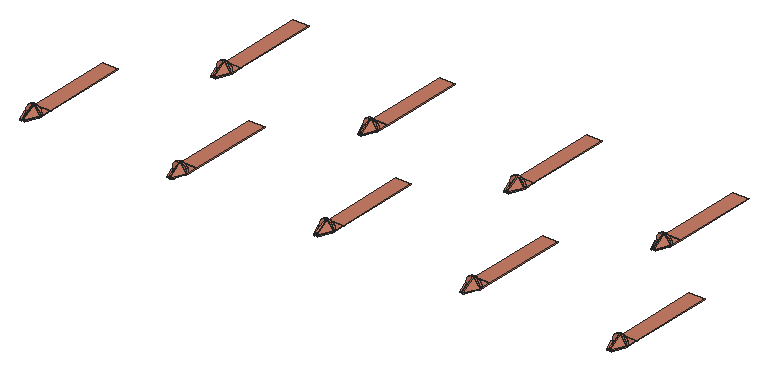
Revit family "Construction_Roof-Accessories_Alpine-SnowGuards_PD10", category Specialty Equipment, host Face, Revit 2019
Family settings
  Host = Face
  Round Connector Dimension = Use Diameter
  Part Type = Normal
  OmniClass Number = 23.35.20.31.27.14
  OmniClass Title = Snow Guards
  Cut with Voids When Loaded = No
  Shared = No
  Room Calculation Point = No
Parameters (values of type "2x2 Pattern – Two Row")
  z_Option3 = Row Options : Three Rows
  z_Option2 = Row Options : Two Rows
  z_Option1 = Row Options : One Row
  Z_Vertical Spacing = if(Vertical Spacing = 0", 12", Vertical Spacing)  # 24"
  Z_Three Rows [instance] = and((Length > 2 * Z_Horizontal Spacing), Number of Rows = z_Option3)  # no
  Z_Three Row Second Pad [instance] = and(not(or(Z_Three Rows, Z_Two Rows, Z_Custom Row, Number of Rows = z_Option2, Z_CR)), Z_Length > Z_Horizontal Spacing)  # no
  Z_Three Row First Pad [instance] = not(or(Z_Three Rows, Z_Two Rows, Z_Custom Row, Number of Rows = z_Option2, Z_CR))  # no
  Z_Second Row Number [instance] = Z_Number of Pads Control - 1  # 4
  Z_Two Row First Pad [instance] = and(not(or(Z_Three Rows, Z_Two Rows, Z_Custom Row, Z_CR)), or(Z_Length = Z_Horizontal Spacing / 2, Z_Length > Z_Horizontal Spacing / 2))  # no
  Z_Second Row [instance] = Z_Horizontal Spacing / 2  # 12"
  Z_Length [instance] = if(Length < Z_Horizontal Spacing / 2, Z_Horizontal Spacing / 2, Length)  # 100"
  Z_Horizontal Spacing = if(Horizontal Spacing = 0", 24", Horizontal Spacing)  # 24"
  Z_Distance between Pads [instance] = Length / (Z_Number of Pads Control - 1)  # 25"
  Z_Custom Row Second Pad [instance] = and(not(or(Z_Three Rows, Z_Two Rows, Z_Custom Row)), Z_Length > Z_Horizontal Spacing)  # no
  Z_Custom Row First Pad [instance] = not(or(Z_Three Rows, Z_Two Rows))  # no
  Z_Custom Row [instance] = and((Length > 2 * Z_Horizontal Spacing), or(Number of Rows = z_Option1, Number of Rows = z_Option2, Number of Rows = z_Option3))  # yes
  Z_CR = no
  Vertical Spacing = 24"
  URL = "https://www.alpinesnowguards.com/model/pd10?utm_source=bimobject&utm_medium=productlisting&utm_campaign=2022marketing"
  Z_Two Rows [instance] = and((Length > 2 * Z_Horizontal Spacing), or(Number of Rows = z_Option2, Number of Rows = z_Option3))  # yes
  Surface Offset [instance] = 0"
  Standard Layouts [instance] = "Standard layouts are shown. Custom layouts are available, please contact Alpine Snow Guard to discuss."  # constant formula
  Snow Guard Count [instance] = if(and(Number of Rows = z_Option1, and(Length > 24", Length < 49")), 2, if(and(Number of Rows = z_Option1, or(Length = 0", Length < 25")), 1, if(and(Number of Rows = z_Option2, or(Length = 0", Length < 25")), 2, if(and(Number of Rows = z_Option3, and(Length > 24", Length < 49")), 5, if(Z_Three Rows, 2 * Z_Number of Pads Control + Z_Second Row Number, if(Z_Two Rows, Z_Number of Pads Control + Z_Second Row Number, Z_Number of Pads Control))))))  # 9
  Product data url = "https://www.bimobject.com/en-us/alpine-snowguards/product/pd10_half_round_pad_style_snow_guard"
  Product Material = Alpine SnowGuards - Copper - Mill Finish
  Product Guid = "b6d75018-1621-4771-a9ee-37e70764d805"
  Z_Number of Pads Control [instance] = if((Z_Length / Z_Horizontal Spacing + 1) < 3, 3, rounddown(Z_Length / Z_Horizontal Spacing + 1))  # 5
  Number of Rows = Row Options : Two Rows
  Length Note [instance] = "To show a single SnowGuard in the Row, please set Length to 0"  # constant formula
  Model = if(PD 100F, "PD 100F", "PD 10")  # "PD 10"
  Manufacturer = "Alpine SnowGuards"  # constant formula
  PD 100F = no
  Length [instance] = 100"
  Keynote = "07720"
  IMPORTANT [instance] = "All layouts begin with a 3-row pattern."  # constant formula
  Horizontal Spacing = 24"
  Edition number = 1
  Description = "PD10 Half Round Pad Style Snow Guard"  # constant formula
  Default Elevation = 48"
  Assembly Code = "B3010"
Types (6): name | Z_Vertical Spacing | Z_Three Rows | Z_Second Row Number | Z_Second Row | Z_Horizontal Spacing | Z_Distance between Pads | Z_Custom Row First Pad | Z_CR | Vertical Spacing | Z_Two Rows | Snow Guard Count | Z_Number of Pads Control | Number of Rows | Horizontal Spacing
  (no name) | 24" | no | 4 | 12" | 24" | 25" | no | no | 24" | yes | 9 | 5 | Row Options : Two Rows | 24"
  3-Row Pattern | 12" | yes | 4 | 12" | 24" | 25" | no | no | 12" | yes | 14 | 5 | Row Options : Three Rows | 24"
  2x4 Pattern – Two Row | 24" | no | 2 | 24" | 48" | 50" | no | no | 24" | yes | 5 | 3 | Row Options : Two Rows | 48"
  2x3 Pattern – Two Row | 24" | no | 2 | 18" | 36" | 50" | no | no | 24" | yes | 5 | 3 | Row Options : Two Rows | 36"
  2x2 Pattern – Two Row | 24" | no | 4 | 12" | 24" | 25" | no | no | 24" | yes | 9 | 5 | Row Options : Two Rows | 24"
  Custom – Single Row | 12" | no | 4 | 12" | 24" | 25" | yes | yes | 0" | no | 5 | 5 | Row Options : One Row | 24"
Reference planes (in)
  plane 1 "Center (Front/Back)": y = 0
  plane 2: z = 0
  plane 3 "Center (Left/Right)": x = 0
  plane 4: x = 100
  plane 5: y = 24
  plane 6: y = 48
  plane 7: x = 12
  plane 8: x = 24
  plane 9: x = 36
Dimensions and locks (in)
  "Z_Length": plane 3 "Center (Left/Right)" to plane 4
  "Z_Vertical Spacing": plane 1 "Center (Front/Back)" to plane 5
  "Z_Vertical Spacing": plane 6 to plane 5
  "Z_Horizontal Spacing": plane 3 "Center (Left/Right)" to plane 8
  equal spacing: group 1, group 2, group 3, group 9, group 10  (x3)
  equal spacing: group 4, group 5, group 6, group 11, group 12  (x3)
  "Z_Horizontal Spacing": plane 7 to plane 9
  equal spacing: group 7, group 8, group 13, group 14  (x3)
  equal spacing: plane 3 "Center (Left/Right)", plane 7, plane 8
  aligned and locked: host face to plane 2
  aligned and locked: host face to level
  aligned and locked: plane 1 "Center (Front/Back)" to nested 1
  aligned and locked: plane 3 "Center (Left/Right)" to nested 1
  aligned and locked: plane 7 to nested 2
  aligned and locked: nested 2 to plane 5
  aligned and locked: plane 3 "Center (Left/Right)" to nested 3
  aligned and locked: nested 3 to plane 6
  aligned and locked: plane 8 to nested 4
  aligned and locked: plane 8 to nested 6
  aligned and locked: plane 9 to nested 8
  aligned and locked: nested 6 to plane 6
  aligned and locked: nested 8 to plane 5
  aligned and locked: plane 1 "Center (Front/Back)" to nested 9
  aligned and locked: plane 1 "Center (Front/Back)" to nested 10
  aligned and locked: nested 11 to plane 5
  aligned and locked: nested 12 to plane 6
  aligned and locked: nested 13 to plane 6
  aligned and locked: plane 3 "Center (Left/Right)" to nested 9
  aligned and locked: plane 7 to nested 11
  aligned and locked: plane 8 to nested 10
  aligned and locked: plane 3 "Center (Left/Right)" to nested 12
  aligned and locked: plane 8 to nested 13
Automatic sketch dimensions
  host sketch curve to host sketch curve = 167.34463"
  host sketch curve to host sketch curve = 121.14631"
Nested families (in)
  nested 1: "Construction_Roof-Accessories_Alpine-SnowGuards_Pad-PD10" at (0, 0, 0), Product Material <- "Product Material", F <- "PD 100F", visible <- "Z_Custom Row", Surface Offset <- "Surface Offset", type "Construction_Roof-Accessories_Alpine-SnowGuards_Pad-PD10"
    with Surface Offset 0", Product Material Alpine SnowGuards - Copper - Mill Finish, F no
  nested 2: "Construction_Roof-Accessories_Alpine-SnowGuards_Pad-PD10" at (12, 24, 0), Product Material <- "Product Material", F <- "PD 100F", visible <- "Z_Two Rows", Surface Offset <- "Surface Offset", type "Construction_Roof-Accessories_Alpine-SnowGuards_Pad-PD10"
    with Surface Offset 0", Product Material Alpine SnowGuards - Copper - Mill Finish, F no
  nested 3: "Construction_Roof-Accessories_Alpine-SnowGuards_Pad-PD10" at (0, 48, 0), Product Material <- "Product Material", F <- "PD 100F", visible <- "Z_Three Rows", Surface Offset <- "Surface Offset", type "Construction_Roof-Accessories_Alpine-SnowGuards_Pad-PD10"
    with Surface Offset 0", Product Material Alpine SnowGuards - Copper - Mill Finish, F no
  nested 4: "Construction_Roof-Accessories_Alpine-SnowGuards_Pad-PD10" at (24, 0, 0), Product Material <- "Product Material", F <- "PD 100F", visible <- "Z_Custom Row", Surface Offset <- "Surface Offset", type "Construction_Roof-Accessories_Alpine-SnowGuards_Pad-PD10"
    with Surface Offset 0", Product Material Alpine SnowGuards - Copper - Mill Finish, F no
  nested 5: "Construction_Roof-Accessories_Alpine-SnowGuards_Pad-PD10" at (48, 0, 0), Product Material <- "Product Material", F <- "PD 100F", visible <- "Z_Custom Row", Surface Offset <- "Surface Offset", type "Construction_Roof-Accessories_Alpine-SnowGuards_Pad-PD10"
    with Surface Offset 0", Product Material Alpine SnowGuards - Copper - Mill Finish, F no
  nested 6: "Construction_Roof-Accessories_Alpine-SnowGuards_Pad-PD10" at (24, 48, 0), Product Material <- "Product Material", F <- "PD 100F", visible <- "Z_Three Rows", Surface Offset <- "Surface Offset", type "Construction_Roof-Accessories_Alpine-SnowGuards_Pad-PD10"
    with Surface Offset 0", Product Material Alpine SnowGuards - Copper - Mill Finish, F no
  nested 7: "Construction_Roof-Accessories_Alpine-SnowGuards_Pad-PD10" at (48, 48, 0), Product Material <- "Product Material", F <- "PD 100F", visible <- "Z_Three Rows", Surface Offset <- "Surface Offset", type "Construction_Roof-Accessories_Alpine-SnowGuards_Pad-PD10"
    with Surface Offset 0", Product Material Alpine SnowGuards - Copper - Mill Finish, F no
  nested 8: "Construction_Roof-Accessories_Alpine-SnowGuards_Pad-PD10" at (36, 24, 0), Product Material <- "Product Material", F <- "PD 100F", visible <- "Z_Two Rows", Surface Offset <- "Surface Offset", type "Construction_Roof-Accessories_Alpine-SnowGuards_Pad-PD10"
    with Surface Offset 0", Product Material Alpine SnowGuards - Copper - Mill Finish, F no
  nested 9: "Construction_Roof-Accessories_Alpine-SnowGuards_Pad-PD10" at (0, 0, 0), F <- "PD 100F", Surface Offset <- "Surface Offset", Product Material <- "Product Material", visible <- "Z_Custom Row First Pad", type "Construction_Roof-Accessories_Alpine-SnowGuards_Pad-PD10"
    with Surface Offset 0", Product Material Alpine SnowGuards - Copper - Mill Finish, F no
  nested 10: "Construction_Roof-Accessories_Alpine-SnowGuards_Pad-PD10" at (24, 0, 0), F <- "PD 100F", Surface Offset <- "Surface Offset", Product Material <- "Product Material", visible <- "Z_Custom Row Second Pad", type "Construction_Roof-Accessories_Alpine-SnowGuards_Pad-PD10"
    with Surface Offset 0", Product Material Alpine SnowGuards - Copper - Mill Finish, F no
  nested 11: "Construction_Roof-Accessories_Alpine-SnowGuards_Pad-PD10" at (12, 24, 0), Product Material <- "Product Material", Surface Offset <- "Surface Offset", F <- "PD 100F", visible <- "Z_Two Row First Pad", type "Construction_Roof-Accessories_Alpine-SnowGuards_Pad-PD10"
    with Surface Offset 0", Product Material Alpine SnowGuards - Copper - Mill Finish, F no
  nested 12: "Construction_Roof-Accessories_Alpine-SnowGuards_Pad-PD10" at (0, 48, 0), Product Material <- "Product Material", Surface Offset <- "Surface Offset", F <- "PD 100F", visible <- "Z_Three Row First Pad", type "Construction_Roof-Accessories_Alpine-SnowGuards_Pad-PD10"
    with Surface Offset 0", Product Material Alpine SnowGuards - Copper - Mill Finish, F no
  nested 13: "Construction_Roof-Accessories_Alpine-SnowGuards_Pad-PD10" at (24, 48, 0), Product Material <- "Product Material", Surface Offset <- "Surface Offset", F <- "PD 100F", visible <- "Z_Three Row Second Pad", type "Construction_Roof-Accessories_Alpine-SnowGuards_Pad-PD10"
    with Surface Offset 0", Product Material Alpine SnowGuards - Copper - Mill Finish, F no
  nested 14: "Construction_Roof-Accessories_Alpine-SnowGuards_Pad-PD10" at (72, 0, 0), Product Material <- "Product Material", F <- "PD 100F", visible <- "Z_Custom Row", Surface Offset <- "Surface Offset", type "Construction_Roof-Accessories_Alpine-SnowGuards_Pad-PD10"
    with Surface Offset 0", Product Material Alpine SnowGuards - Copper - Mill Finish, F no
  nested 15: "Construction_Roof-Accessories_Alpine-SnowGuards_Pad-PD10" at (96, 0, 0), Product Material <- "Product Material", F <- "PD 100F", visible <- "Z_Custom Row", Surface Offset <- "Surface Offset", type "Construction_Roof-Accessories_Alpine-SnowGuards_Pad-PD10"
    with Surface Offset 0", Product Material Alpine SnowGuards - Copper - Mill Finish, F no
  nested 16: "Construction_Roof-Accessories_Alpine-SnowGuards_Pad-PD10" at (72, 48, 0), Product Material <- "Product Material", F <- "PD 100F", visible <- "Z_Three Rows", Surface Offset <- "Surface Offset", type "Construction_Roof-Accessories_Alpine-SnowGuards_Pad-PD10"
    with Surface Offset 0", Product Material Alpine SnowGuards - Copper - Mill Finish, F no
  nested 17: "Construction_Roof-Accessories_Alpine-SnowGuards_Pad-PD10" at (96, 48, 0), Product Material <- "Product Material", F <- "PD 100F", visible <- "Z_Three Rows", Surface Offset <- "Surface Offset", type "Construction_Roof-Accessories_Alpine-SnowGuards_Pad-PD10"
    with Surface Offset 0", Product Material Alpine SnowGuards - Copper - Mill Finish, F no
  nested 18: "Construction_Roof-Accessories_Alpine-SnowGuards_Pad-PD10" at (60, 24, 0), Product Material <- "Product Material", F <- "PD 100F", visible <- "Z_Two Rows", Surface Offset <- "Surface Offset", type "Construction_Roof-Accessories_Alpine-SnowGuards_Pad-PD10"
    with Surface Offset 0", Product Material Alpine SnowGuards - Copper - Mill Finish, F no
  nested 19: "Construction_Roof-Accessories_Alpine-SnowGuards_Pad-PD10" at (84, 24, 0), Product Material <- "Product Material", F <- "PD 100F", visible <- "Z_Two Rows", Surface Offset <- "Surface Offset", type "Construction_Roof-Accessories_Alpine-SnowGuards_Pad-PD10"
    with Surface Offset 0", Product Material Alpine SnowGuards - Copper - Mill Finish, F no
Definition of nested family "Construction_Roof-Accessories_Alpine-SnowGuards_Pad-PD10"
  Parameters (values of type "Construction_Roof-Accessories_Alpine-SnowGuards_Pad-PD10")
    Surface Offset [instance] = 0"
    Product Material [instance] = none
    F [instance] = yes
  Reference planes (in)
    plane 1 "Center (Front/Back)": y = 0
    plane 2: z = 0
    plane 3 "Center (Left/Right)": x = 0
    plane 4: y = -2.375
    plane 5: z = 1.5
    plane 6: x = -1.25
    plane 7: x = 1.25
    plane 8: z = 2.6875
    plane 9: y = 15.5625
    plane 10: z = 0
    plane 11: z = 0.10624
  Forms (in)
    Extrusion 1, solid, material <- "Product Material", detail levels fine
      sketch origin (0, 0, 0.03424) x (1, 0, 0) y (0, 0, 1)
        loop
          line (1.25, -0.03424) -> (1.25, 0.2105)
          arc (1.25, 0.2105) -> (0, 1.4605) -> (-1.25, 0.2105) r 1.25
          line (-1.25, 0.2105) -> (-1.25, -0.03424) -> (1.25, -0.03424)
      from 0 to 0.1978
    Sweep 2, solid, material <- "Product Material", detail levels fine
      path origin (1.2331, 0.04673, 0.03865) x (0.999641, 0.026785, -0.001071) y (-0.026787, 0.99964, -0.001779)
        loop
          line (-2.05752, 0.18662) -> (-1.07653, -2.30301)
      profile origin (-0.30501, -1.05306, 0.04221) x (0.920225, 0.391387, -0.001649) y (0.001023, 0.001807, 0.999998)
        loop
          line (-0.41438, -0.03769) -> (-0.37639, -0.03494) -> (0.58935, 1.35985) -> (0.55134, 1.35706) -> (-0.41438, -0.03769)
    Extrusion 3, void
      sketch origin (0, 0, 0.03424) x (0, 1, 0) y (0, 0, 1)
        loop
          line (-0.15101, 1.42347) -> (-0.15101, 1.59635) -> (-2.55379, 1.59635) -> (-2.55379, -0.1778) -> (0.46654, -0.1778) -> (0.46654, 1.37647) -> (-0.1978, 1.37647) -> (-0.1978, 0.072) -> (-2.40838, 0.072) -> (-0.15101, 1.42347)
      from -2.2317 to 1.92901
    Sweep 4, solid, material <- "Product Material", detail levels fine
      path origin (-1.2331, 0.04673, 0.03865) x (-0.999641, 0.026785, -0.001071) y (-0.026787, -0.99964, 0.001779)
        loop
          line (-2.05752, -0.18662) -> (-1.07653, 2.30301)
      profile origin (0.30501, -1.05306, 0.04221) x (0.920225, -0.391387, 0.001649) y (-0.001023, 0.001807, 0.999998)
        loop
          line (0.41438, -0.03769) -> (-0.55134, 1.35706) -> (-0.58935, 1.35985) -> (0.37639, -0.03494) -> (0.41438, -0.03769)
    Extrusion 5, solid, material <- "Product Material", detail levels fine
      sketch origin (0, -0.23657, 1.40648) x (0, -0.857988, -0.51367) y (1, 0, 0)
        loop
          line (2.53128, -0.10391) -> (2.53128, 0.10391) -> (-0.04787, 0.04282) -> (-0.04787, -0.04282) -> (2.53128, -0.10391)
      from 0 to 0.02578
    Sweep 6, void
      path origin (0, 0, 0.03424) x (1, 0, 0) y (0, 0, 1)
        loop
          line (-1.26245, -0.03424) -> (-1.26245, 0.2105)
          arc (-1.26245, 0.2105) -> (0, 1.47295) -> (1.26245, 0.2105) r 1.26245
          line (1.26245, 0.2105) -> (1.26245, -0.03424)
      profile origin (-1.26245, 0, 0.12237) x (-1, 0, 0) y (0, -1, 0)
        loop
          line (-0.00526, -0.02577) -> (-0.00526, 0.1978) -> (-0.06762, 0.1978) -> (-0.00526, -0.02577)
    Extrusion 7, void
      sketch origin (0, 0, 0) x (0, 1, 0) y (0, 0, 1)
        loop
          line (-2.375, 0.26156) -> (-2.625, 0.26156) -> (-2.625, -0.08571) -> (-2.375, -0.08571) -> (-2.375, 0.26156)
      from -0.20134 to 0.28095
    Extrusion 8, solid, material <- "Product Material", detail levels fine
      sketch origin (0, 0, 0) x (1, 0, 0) y (0, 1, 0)
        loop
          line (-1.20009, -0.1978) -> (-1.20009, -0.44408) -> (-0.38047, -2.375) -> (-0.11807, -2.375) -> (-1.04182, -0.1978) -> (-1.20009, -0.1978)
        loop
          line (1.20009, -0.1978) -> (1.04182, -0.1978) -> (0.11807, -2.375) -> (0.38047, -2.375) -> (1.20009, -0.44408) -> (1.20009, -0.1978)
      from 0 to 0.10624
    Extrusion 9, solid, material <- "Product Material", detail levels coarse+medium
      sketch origin (0, 0, 0) x (1, 0, 0) y (0, 0, 1)
        loop
          line (-1.25, 0) -> (1.25, 0) -> (1.25, 0.24474)
          arc (1.25, 0.24474) -> (0, 1.49474) -> (-1.25, 0.24474) r 1.25
          line (-1.25, 0.24474) -> (-1.25, 0)
      from 0 to 2.375
    Extrusion 10, solid, material <- "Product Material", visible <- "F", detail levels fine
      sketch origin (0, 0, 0) x (1, 0, 0) y (0, 0, 1)
        loop
          arc (-1.24367, 0.11913) -> (0, 1.49474) -> (1.24367, 0.11913) r 1.25
          line (1.24367, 0.11913) -> (1.49571, 0.11913) -> (1.49571, 0.24095)
          arc (1.49571, 0.24095) -> (1.65445, 0.44682) -> (1.89391, 0.34565) r 0.21286
          arc (1.89391, 0.34565) -> (1.9182, 0.33046) -> (1.94415, 0.34257) r 0.03
          arc (1.94415, 0.34257) -> (2.09853, 0.65809) -> (2.13082, 1.00787) r 0.97307
          arc (2.13082, 1.00787) -> (1.56654, 1.72665) -> (0.65273, 1.72878) r 1.04729
          arc (0.65273, 1.72878) -> (0.66656, 2.06986) -> (0.4432, 2.32801) r 0.46375
          arc (0.4432, 2.32801) -> (0.22443, 2.50806) -> (0.02246, 2.70678) r 3.19618
          arc (0.02246, 2.70678) -> (0.00781, 2.71316) -> (-0.00683, 2.70678) r 0.02
          arc (-0.00683, 2.70678) -> (-0.20217, 2.51405) -> (-0.41331, 2.33878) r 3.19618
          arc (-0.41331, 2.33878) -> (-0.65454, 2.0814) -> (-0.64492, 1.72878) r 0.46375
          arc (-0.64492, 1.72878) -> (-1.55873, 1.72665) -> (-2.123, 1.00787) r 1.04729
          arc (-2.123, 1.00787) -> (-2.09072, 0.65809) -> (-1.93634, 0.34257) r 0.97307
          arc (-1.93634, 0.34257) -> (-1.91039, 0.33046) -> (-1.8861, 0.34565) r 0.03
          arc (-1.8861, 0.34565) -> (-1.64664, 0.44682) -> (-1.4879, 0.24095) r 0.21286
          line (-1.4879, 0.24095) -> (-1.4879, 0.11913) -> (-1.24367, 0.11913)
      from 0 to -0.01759
    Extrusion 11, solid, material <- "Product Material", visible <- "F", detail levels coarse+medium
      sketch origin (0, 0, 0) x (1, 0, 0) y (0, 0, 1)
        loop
          line (-2.123, 0.11913) -> (2.13082, 0.11913) -> (2.13082, 0.5916)
          arc (2.13082, 0.5916) -> (0.00391, 2.7185) -> (-2.123, 0.5916) r 2.12691
          line (-2.123, 0.5916) -> (-2.123, 0.11913)
      from 0 to -0.01759
    Extrusion 12, solid, material <- "Product Material"
      sketch origin (0, 0, 0) x (1, 0, 0) y (0, 1, 0)
        loop
          line (-1.25, 1.75) -> (-1.25, 0) -> (1.25, 0) -> (1.25, 1.75) -> (-1.25, 1.75)
      from 0 to 0.10624
    Extrusion 13, solid, material <- "Product Material"
      sketch origin (0, 0, 0) x (1, 0, 0) y (0, 1, 0)
        loop
          line (-1.25, 15.5625) -> (-1.25, 1.75) -> (1.25, 1.75) -> (1.25, 15.5625) -> (-1.25, 15.5625)
      from 0 to 0.10624
  Cuts and joins
    Extrusion 3, Extrusion 7 cuts Sweep 2
    Extrusion 3, Extrusion 7 cuts Sweep 4
    Extrusion 7 cuts Extrusion 5
    Sweep 6 cuts Extrusion 1
  Dimensions and locks (in)
    locked: plane 4 to plane 1 "Center (Front/Back)" at 2.375
    locked: plane 5 to plane 2 at 1.5
    plane 7 to plane 6 = 2 1/2"
    equal spacing: plane 6, plane 3 "Center (Left/Right)", plane 7
    locked: plane 6 to plane 7 at 2.5
    locked: plane 8 to level at 2.6875
    locked: plane 1 "Center (Front/Back)" to Extrusion 13 sketch curve at 1.75
    "Surface Offset": level to plane 10
    locked: plane 10 to plane 11 at 0.10624
    locked: plane 9 to plane 1 "Center (Front/Back)" at 15.5625
    aligned and locked: level to plane 2
    aligned and locked: Extrusion 12 sketch curve to plane 1 "Center (Front/Back)"
    aligned and locked: plane 7 to Extrusion 12 sketch curve
    aligned and locked: plane 6 to Extrusion 12 sketch curve
    aligned and locked: Extrusion 12 to level
    aligned and locked: plane 9 to Extrusion 13 sketch curve
    aligned and locked: plane 7 to Extrusion 13 sketch curve
    aligned and locked: plane 6 to Extrusion 13 sketch curve
    aligned and locked: Extrusion 13 to plane 11
    aligned and locked: plane 10 to Extrusion 13
  Automatic sketch dimensions
    Extrusion 1 sketch curve to level = 0"
    Extrusion 1 sketch curve to plane 6 = 0"
    Extrusion 1 sketch curve to plane 3 "Center (Left/Right)" = 0"
    level to Extrusion 1 sketch curve = 0.24474"
    Sweep 2 sketch curve to Sweep 2 sketch curve = 0.98099"
    Sweep 2 sketch curve to Sweep 2 sketch curve = 2.48963"
    Sweep 2 sketch curve to profile plane = 0.03769"
    profile plane to Sweep 2 sketch curve = 0.41438"
    Sweep 2 sketch curve to profile plane = 0.03494"
    Sweep 2 sketch curve to Sweep 2 sketch curve = 0.03799"
    Sweep 2 sketch curve to profile plane = 0.55134"
    Sweep 2 sketch curve to Sweep 2 sketch curve = 0.03801"
    profile plane to Sweep 2 sketch curve = 1.35706"
    Sweep 2 sketch curve to Sweep 2 sketch curve = 0.00279"
    Extrusion 3 sketch curve to plane 4 = 0.17879"
    Extrusion 3 sketch curve to plane 4 = 0.03338"
    Extrusion 3 sketch curve to plane 5 = 0.08929"
    plane 1 "Center (Front/Back)" to Extrusion 3 sketch curve = 0.1978"
    plane 1 "Center (Front/Back)" to Extrusion 3 sketch curve = 0.15101"
    Extrusion 3 sketch curve to level = 0.14356"
    Extrusion 3 sketch curve to plane 1 "Center (Front/Back)" = 0.46654"
    level to Extrusion 3 sketch curve = 0.10624"
    Extrusion 3 sketch curve to plane 5 = 0.04229"
    plane 5 to Extrusion 3 sketch curve = 0.13059"
    Sweep 4 sketch curve to Sweep 4 sketch curve = 0.98099"
    Sweep 4 sketch curve to Sweep 4 sketch curve = 2.48963"
    profile plane to Sweep 4 sketch curve = 0.58935"
    Sweep 4 sketch curve to Sweep 4 sketch curve = 0.03801"
    Sweep 4 sketch curve to profile plane = 0.03494"
    Sweep 4 sketch curve to profile plane = 0.37639"
    Sweep 4 sketch curve to profile plane = 0.03769"
    Sweep 4 sketch curve to Sweep 4 sketch curve = 0.03799"
    profile plane to Sweep 4 sketch curve = 1.35706"
    Sweep 4 sketch curve to Sweep 4 sketch curve = 0.00279"
    Extrusion 5 sketch curve to plane 3 "Center (Left/Right)" = 0.04282"
    plane 3 "Center (Left/Right)" to Extrusion 5 sketch curve = 0.10391"
    Extrusion 5 sketch curve to Extrusion 5 sketch curve = 2.57915"
    Extrusion 5 sketch curve to plane 3 "Center (Left/Right)" = 0.10391"
    plane 3 "Center (Left/Right)" to Extrusion 5 sketch curve = 0.04282"
    Sweep 6 sketch curve to level = 0"  (x2)
    Sweep 6 sketch curve to plane 3 "Center (Left/Right)" = 0"
    Sweep 6 sketch curve to plane 6 = 0.01245"
    level to Sweep 6 sketch curve = 0.24474"
    profile plane to Sweep 6 sketch curve = 0.06762"
    profile plane to Sweep 6 sketch curve = 0.00526"
    Sweep 6 sketch curve to profile plane = 0.02577"
    profile plane to Sweep 6 sketch curve = 0.1978"
    Extrusion 7 sketch curve to plane 4 = 0"
    Extrusion 7 sketch curve to level = 0.08571"
    Extrusion 7 sketch curve to plane 4 = 1/4"
    level to Extrusion 7 sketch curve = 0.26156"
    Extrusion 8 sketch curve to plane 4 = 0"  (x2)
    plane 6 to Extrusion 8 sketch curve = 0.04991"
    Extrusion 8 sketch curve to Extrusion 8 sketch curve = 0.15827"
    Extrusion 8 sketch curve to plane 3 "Center (Left/Right)" = 0.38047"
    Extrusion 8 sketch curve to plane 3 "Center (Left/Right)" = 0.11807"
    plane 3 "Center (Left/Right)" to Extrusion 8 sketch curve = 0.11807"
    Extrusion 8 sketch curve to Extrusion 8 sketch curve = 0.2624"
    plane 7 to Extrusion 8 sketch curve = 0.20818"
    plane 7 to Extrusion 8 sketch curve = 0.04991"
    plane 1 "Center (Front/Back)" to Extrusion 8 sketch curve = 0.44408"  (x2)
    plane 1 "Center (Front/Back)" to Extrusion 8 sketch curve = 0.1978"  (x2)
    Extrusion 9 sketch curve to plane 6 = 0"
    Extrusion 9 sketch curve to plane 3 "Center (Left/Right)" = 0"
    Extrusion 9 sketch curve to level = 0"
    level to Extrusion 9 sketch curve = 0.24474"
    Extrusion 10 sketch curve to plane 3 "Center (Left/Right)" = 0"
    Extrusion 10 sketch curve to plane 3 "Center (Left/Right)" = 0.22099"
    plane 6 to Extrusion 10 sketch curve = 0.15038"
    plane 6 to Extrusion 10 sketch curve = 0.09618"
    plane 6 to Extrusion 10 sketch curve = 0.00633"
    level to Extrusion 10 sketch curve = 0.11913"
    Extrusion 10 sketch curve to plane 6 = 0.2379"
    Extrusion 10 sketch curve to Extrusion 10 sketch curve = 0.21286"  (x2)
    Extrusion 10 sketch curve to Extrusion 10 sketch curve = 0.21146"  (x2)
    Extrusion 10 sketch curve to plane 6 = 1.09726"
    plane 3 "Center (Left/Right)" to Extrusion 10 sketch curve = 1/128"
    plane 3 "Center (Left/Right)" to Extrusion 10 sketch curve = 0.2288"
    plane 7 to Extrusion 10 sketch curve = 0.14256"
    plane 7 to Extrusion 10 sketch curve = 0.08836"
    plane 7 to Extrusion 10 sketch curve = 0.00633"
    Extrusion 10 sketch curve to plane 7 = 0.24571"
    Extrusion 10 sketch curve to plane 7 = 1.11289"
    Extrusion 10 sketch curve to Extrusion 10 sketch curve = 0.12183"  (x2)
    level to Extrusion 10 sketch curve = 0.24474"
    Extrusion 10 sketch curve to Extrusion 10 sketch curve = 0.11945"  (x2)
    Extrusion 10 sketch curve to Extrusion 10 sketch curve = 0.54439"  (x2)
    Extrusion 10 sketch curve to Extrusion 10 sketch curve = 0.13561"  (x2)
    plane 5 to Extrusion 10 sketch curve = 0.41679"  (x2)
    Extrusion 10 sketch curve to Extrusion 10 sketch curve = 0.77637"
    Extrusion 10 sketch curve to Extrusion 10 sketch curve = 2.19031"  (x2)
    Extrusion 10 sketch curve to plane 3 "Center (Left/Right)" = 0.00683"
    Extrusion 10 sketch curve to Extrusion 10 sketch curve = 0"  (x6)
    Extrusion 10 sketch curve to plane 3 "Center (Left/Right)" = 0.41331"
    plane 5 to Extrusion 10 sketch curve = 0.22878"  (x2)
    plane 3 "Center (Left/Right)" to Extrusion 10 sketch curve = 0.4432"
    level to Extrusion 11 sketch curve = 0.11913"
    Extrusion 11 sketch curve to plane 6 = 0.873"
    plane 3 "Center (Left/Right)" to Extrusion 11 sketch curve = 1/256"
    Extrusion 11 sketch curve to Extrusion 11 sketch curve = 0.47247"
    Extrusion 12 sketch curve to plane 1 "Center (Front/Back)" = 1 3/4"
